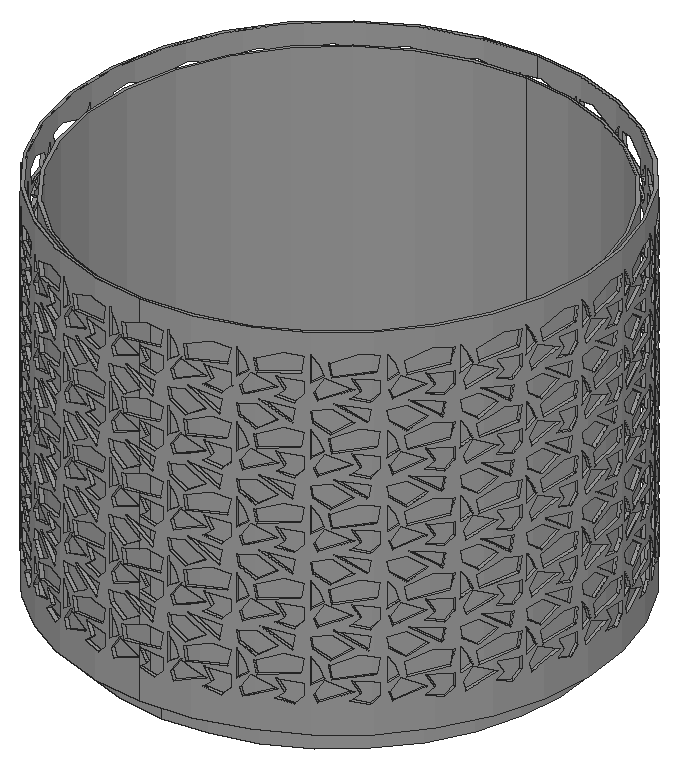
Revit family "14832 Цветочница «Филигран» средняя, диаметр 900 мм Хоббика", category Антураж, Revit 2018 (continued)
Forms (mm)
  Extrusion 17, void
    sketch origin (779.131, 1119.067, 0) x (0.188205, -0.98213, 0) y (0, 0, 1)
      loop
        line (588.639, 543.248) -> (575.707, 526.292) -> (568.867, 507.498) -> (588.639, 496.083) -> (588.639, 543.248)
      loop
        line (563.682, 528.794) -> (519.831, 544.754) -> (490.287, 539.545) -> (494.976, 512.951) -> (559.492, 505.029) -> (563.682, 528.794)
      loop
        line (490.287, 599.912) -> (504.429, 585.77) -> (533.407, 593.534) -> (518.941, 604.566) -> (531.441, 626.217) -> (490.287, 621.966) -> (490.287, 599.912)
      loop
        line (584.351, 482.319) -> (568.12, 505.499) -> (527.336, 486.481) -> (579.019, 467.67) -> (584.351, 482.319)
      loop
        line (556.066, 463.604) -> (503.268, 454.294) -> (507.609, 429.674) -> (556.066, 463.604)
      loop
        line (588.917, 451.182) -> (559.373, 456.391) -> (526.607, 433.448) -> (559.625, 414.385) -> (585.641, 432.601) -> (588.917, 451.182)
      loop
        line (588.639, 421.248) -> (575.707, 404.292) -> (568.867, 385.498) -> (588.639, 374.083) -> (588.639, 421.248)
      loop
        line (563.682, 406.794) -> (519.831, 422.754) -> (490.287, 417.545) -> (494.976, 390.951) -> (559.492, 383.029) -> (563.682, 406.794)
      loop
        line (490.287, 477.912) -> (504.429, 463.77) -> (533.407, 471.534) -> (518.941, 482.566) -> (531.441, 504.217) -> (490.287, 499.966) -> (490.287, 477.912)
      loop
        line (584.351, 360.319) -> (568.12, 383.499) -> (527.336, 364.481) -> (579.019, 345.67) -> (584.351, 360.319)
      loop
        line (556.066, 341.604) -> (503.268, 332.294) -> (507.609, 307.674) -> (556.066, 341.604)
      loop
        line (588.917, 329.182) -> (559.373, 334.391) -> (526.607, 311.448) -> (559.625, 292.385) -> (585.641, 310.601) -> (588.917, 329.182)
      loop
        line (588.639, 299.248) -> (575.707, 282.292) -> (568.867, 263.498) -> (588.639, 252.083) -> (588.639, 299.248)
      loop
        line (563.682, 284.794) -> (519.831, 300.754) -> (490.287, 295.545) -> (494.976, 268.951) -> (559.492, 261.029) -> (563.682, 284.794)
      loop
        line (490.287, 355.912) -> (504.429, 341.77) -> (533.407, 349.534) -> (518.941, 360.566) -> (531.441, 382.217) -> (490.287, 377.966) -> (490.287, 355.912)
      loop
        line (584.351, 238.319) -> (568.12, 261.499) -> (527.336, 242.481) -> (579.019, 223.67) -> (584.351, 238.319)
      loop
        line (556.066, 219.604) -> (503.268, 210.294) -> (507.609, 185.674) -> (556.066, 219.604)
      loop
        line (588.917, 207.182) -> (559.373, 212.391) -> (526.607, 189.448) -> (559.625, 170.385) -> (585.641, 188.601) -> (588.917, 207.182)
      loop
        line (588.639, 177.248) -> (575.707, 160.292) -> (568.867, 141.498) -> (588.639, 130.083) -> (588.639, 177.248)
      loop
        line (563.682, 162.794) -> (519.831, 178.754) -> (490.287, 173.545) -> (494.976, 146.951) -> (559.492, 139.029) -> (563.682, 162.794)
      loop
        line (490.287, 233.912) -> (504.429, 219.77) -> (533.407, 227.534) -> (518.941, 238.566) -> (531.441, 260.217) -> (490.287, 255.966) -> (490.287, 233.912)
      loop
        line (584.351, 116.319) -> (568.12, 139.499) -> (527.336, 120.481) -> (579.019, 101.67) -> (584.351, 116.319)
      loop
        line (490.287, 111.912) -> (504.429, 97.77) -> (533.407, 105.534) -> (518.941, 116.566) -> (531.441, 138.217) -> (490.287, 133.966) -> (490.287, 111.912)
    from -4.356 to 19.171
  Extrusion 18, void
    sketch origin (612.17, 1177.791, 0) x (0.414377, -0.910105, 0) y (0, 0, 1)
      loop
        line (588.639, 665.248) -> (575.707, 648.292) -> (568.867, 629.498) -> (588.639, 618.083) -> (588.639, 665.248)
      loop
        line (563.682, 650.794) -> (519.831, 666.754) -> (490.287, 661.545) -> (494.976, 634.951) -> (559.492, 627.029) -> (563.682, 650.794)
      loop
        line (584.351, 604.319) -> (568.12, 627.499) -> (527.336, 608.481) -> (579.019, 589.67) -> (584.351, 604.319)
      loop
        line (556.066, 585.604) -> (503.268, 576.294) -> (507.609, 551.674) -> (556.066, 585.604)
      loop
        line (588.917, 573.182) -> (559.373, 578.391) -> (526.607, 555.448) -> (559.625, 536.385) -> (585.641, 554.601) -> (588.917, 573.182)
      loop
        line (588.639, 543.248) -> (575.707, 526.292) -> (568.867, 507.498) -> (588.639, 496.083) -> (588.639, 543.248)
      loop
        line (563.682, 528.794) -> (519.831, 544.754) -> (490.287, 539.545) -> (494.976, 512.951) -> (559.492, 505.029) -> (563.682, 528.794)
      loop
        line (490.287, 599.912) -> (504.429, 585.77) -> (533.407, 593.534) -> (518.941, 604.566) -> (531.441, 626.217) -> (490.287, 621.966) -> (490.287, 599.912)
      loop
        line (584.351, 482.319) -> (568.12, 505.499) -> (527.336, 486.481) -> (579.019, 467.67) -> (584.351, 482.319)
      loop
        line (556.066, 463.604) -> (503.268, 454.294) -> (507.609, 429.674) -> (556.066, 463.604)
      loop
        line (588.917, 451.182) -> (559.373, 456.391) -> (526.607, 433.448) -> (559.625, 414.385) -> (585.641, 432.601) -> (588.917, 451.182)
      loop
        line (588.639, 421.248) -> (575.707, 404.292) -> (568.867, 385.498) -> (588.639, 374.083) -> (588.639, 421.248)
      loop
        line (563.682, 406.794) -> (519.831, 422.754) -> (490.287, 417.545) -> (494.976, 390.951) -> (559.492, 383.029) -> (563.682, 406.794)
      loop
        line (490.287, 477.912) -> (504.429, 463.77) -> (533.407, 471.534) -> (518.941, 482.566) -> (531.441, 504.217) -> (490.287, 499.966) -> (490.287, 477.912)
      loop
        line (584.351, 360.319) -> (568.12, 383.499) -> (527.336, 364.481) -> (579.019, 345.67) -> (584.351, 360.319)
      loop
        line (556.066, 341.604) -> (503.268, 332.294) -> (507.609, 307.674) -> (556.066, 341.604)
      loop
        line (588.917, 329.182) -> (559.373, 334.391) -> (526.607, 311.448) -> (559.625, 292.385) -> (585.641, 310.601) -> (588.917, 329.182)
      loop
        line (588.639, 299.248) -> (575.707, 282.292) -> (568.867, 263.498) -> (588.639, 252.083) -> (588.639, 299.248)
      loop
        line (563.682, 284.794) -> (519.831, 300.754) -> (490.287, 295.545) -> (494.976, 268.951) -> (559.492, 261.029) -> (563.682, 284.794)
      loop
        line (490.287, 355.912) -> (504.429, 341.77) -> (533.407, 349.534) -> (518.941, 360.566) -> (531.441, 382.217) -> (490.287, 377.966) -> (490.287, 355.912)
      loop
        line (584.351, 238.319) -> (568.12, 261.499) -> (527.336, 242.481) -> (579.019, 223.67) -> (584.351, 238.319)
      loop
        line (556.066, 219.604) -> (503.268, 210.294) -> (507.609, 185.674) -> (556.066, 219.604)
      loop
        line (588.917, 207.182) -> (559.373, 212.391) -> (526.607, 189.448) -> (559.625, 170.385) -> (585.641, 188.601) -> (588.917, 207.182)
      loop
        line (588.639, 177.248) -> (575.707, 160.292) -> (568.867, 141.498) -> (588.639, 130.083) -> (588.639, 177.248)
      loop
        line (563.682, 162.794) -> (519.831, 178.754) -> (490.287, 173.545) -> (494.976, 146.951) -> (559.492, 139.029) -> (563.682, 162.794)
      loop
        line (490.287, 233.912) -> (504.429, 219.77) -> (533.407, 227.534) -> (518.941, 238.566) -> (531.441, 260.217) -> (490.287, 255.966) -> (490.287, 233.912)
      loop
        line (584.351, 116.319) -> (568.12, 139.499) -> (527.336, 120.481) -> (579.019, 101.67) -> (584.351, 116.319)
      loop
        line (490.287, 111.912) -> (504.429, 97.77) -> (533.407, 105.534) -> (518.941, 116.566) -> (531.441, 138.217) -> (490.287, 133.966) -> (490.287, 111.912)
    from -4.356 to 19.171
  Extrusion 19, void
    sketch origin (436.072, 1195.509, 0) x (0.617202, -0.786805, 0) y (0, 0, 1)
      loop
        line (588.639, 665.248) -> (575.707, 648.292) -> (568.867, 629.498) -> (588.639, 618.083) -> (588.639, 665.248)
      loop
        line (563.682, 650.794) -> (519.831, 666.754) -> (490.287, 661.545) -> (494.976, 634.951) -> (559.492, 627.029) -> (563.682, 650.794)
      loop
        line (584.351, 604.319) -> (568.12, 627.499) -> (527.336, 608.481) -> (579.019, 589.67) -> (584.351, 604.319)
      loop
        line (556.066, 585.604) -> (503.268, 576.294) -> (507.609, 551.674) -> (556.066, 585.604)
      loop
        line (588.917, 573.182) -> (559.373, 578.391) -> (526.607, 555.448) -> (559.625, 536.385) -> (585.641, 554.601) -> (588.917, 573.182)
      loop
        line (588.639, 543.248) -> (575.707, 526.292) -> (568.867, 507.498) -> (588.639, 496.083) -> (588.639, 543.248)
      loop
        line (563.682, 528.794) -> (519.831, 544.754) -> (490.287, 539.545) -> (494.976, 512.951) -> (559.492, 505.029) -> (563.682, 528.794)
      loop
        line (490.287, 599.912) -> (504.429, 585.77) -> (533.407, 593.534) -> (518.941, 604.566) -> (531.441, 626.217) -> (490.287, 621.966) -> (490.287, 599.912)
      loop
        line (584.351, 482.319) -> (568.12, 505.499) -> (527.336, 486.481) -> (579.019, 467.67) -> (584.351, 482.319)
      loop
        line (556.066, 463.604) -> (503.268, 454.294) -> (507.609, 429.674) -> (556.066, 463.604)
      loop
        line (588.917, 451.182) -> (559.373, 456.391) -> (526.607, 433.448) -> (559.625, 414.385) -> (585.641, 432.601) -> (588.917, 451.182)
      loop
        line (588.639, 421.248) -> (575.707, 404.292) -> (568.867, 385.498) -> (588.639, 374.083) -> (588.639, 421.248)
      loop
        line (563.682, 406.794) -> (519.831, 422.754) -> (490.287, 417.545) -> (494.976, 390.951) -> (559.492, 383.029) -> (563.682, 406.794)
      loop
        line (490.287, 477.912) -> (504.429, 463.77) -> (533.407, 471.534) -> (518.941, 482.566) -> (531.441, 504.217) -> (490.287, 499.966) -> (490.287, 477.912)
      loop
        line (584.351, 360.319) -> (568.12, 383.499) -> (527.336, 364.481) -> (579.019, 345.67) -> (584.351, 360.319)
      loop
        line (556.066, 341.604) -> (503.268, 332.294) -> (507.609, 307.674) -> (556.066, 341.604)
      loop
        line (588.917, 329.182) -> (559.373, 334.391) -> (526.607, 311.448) -> (559.625, 292.385) -> (585.641, 310.601) -> (588.917, 329.182)
      loop
        line (588.639, 299.248) -> (575.707, 282.292) -> (568.867, 263.498) -> (588.639, 252.083) -> (588.639, 299.248)
      loop
        line (563.682, 284.794) -> (519.831, 300.754) -> (490.287, 295.545) -> (494.976, 268.951) -> (559.492, 261.029) -> (563.682, 284.794)
      loop
        line (490.287, 355.912) -> (504.429, 341.77) -> (533.407, 349.534) -> (518.941, 360.566) -> (531.441, 382.217) -> (490.287, 377.966) -> (490.287, 355.912)
      loop
        line (584.351, 238.319) -> (568.12, 261.499) -> (527.336, 242.481) -> (579.019, 223.67) -> (584.351, 238.319)
      loop
        line (556.066, 219.604) -> (503.268, 210.294) -> (507.609, 185.674) -> (556.066, 219.604)
      loop
        line (588.917, 207.182) -> (559.373, 212.391) -> (526.607, 189.448) -> (559.625, 170.385) -> (585.641, 188.601) -> (588.917, 207.182)
      loop
        line (588.639, 177.248) -> (575.707, 160.292) -> (568.867, 141.498) -> (588.639, 130.083) -> (588.639, 177.248)
      loop
        line (563.682, 162.794) -> (519.831, 178.754) -> (490.287, 173.545) -> (494.976, 146.951) -> (559.492, 139.029) -> (563.682, 162.794)
      loop
        line (490.287, 233.912) -> (504.429, 219.77) -> (533.407, 227.534) -> (518.941, 238.566) -> (531.441, 260.217) -> (490.287, 255.966) -> (490.287, 233.912)
      loop
        line (584.351, 116.319) -> (568.12, 139.499) -> (527.336, 120.481) -> (579.019, 101.67) -> (584.351, 116.319)
      loop
        line (490.287, 111.912) -> (504.429, 97.77) -> (533.407, 105.534) -> (518.941, 116.566) -> (531.441, 138.217) -> (490.287, 133.966) -> (490.287, 111.912)
    from -4.356 to 19.171
  Extrusion 20, void
    sketch origin (260.759, 1171.225, 0) x (0.785253, -0.619175, 0) y (0, 0, 1)
      loop
        line (588.639, 665.248) -> (575.707, 648.292) -> (568.867, 629.498) -> (588.639, 618.083) -> (588.639, 665.248)
      loop
        line (563.682, 650.794) -> (519.831, 666.754) -> (490.287, 661.545) -> (494.976, 634.951) -> (559.492, 627.029) -> (563.682, 650.794)
      loop
        line (584.351, 604.319) -> (568.12, 627.499) -> (527.336, 608.481) -> (579.019, 589.67) -> (584.351, 604.319)
      loop
        line (556.066, 585.604) -> (503.268, 576.294) -> (507.609, 551.674) -> (556.066, 585.604)
      loop
        line (588.917, 573.182) -> (559.373, 578.391) -> (526.607, 555.448) -> (559.625, 536.385) -> (585.641, 554.601) -> (588.917, 573.182)
      loop
        line (588.639, 543.248) -> (575.707, 526.292) -> (568.867, 507.498) -> (588.639, 496.083) -> (588.639, 543.248)
      loop
        line (563.682, 528.794) -> (519.831, 544.754) -> (490.287, 539.545) -> (494.976, 512.951) -> (559.492, 505.029) -> (563.682, 528.794)
      loop
        line (490.287, 599.912) -> (504.429, 585.77) -> (533.407, 593.534) -> (518.941, 604.566) -> (531.441, 626.217) -> (490.287, 621.966) -> (490.287, 599.912)
      loop
        line (584.351, 482.319) -> (568.12, 505.499) -> (527.336, 486.481) -> (579.019, 467.67) -> (584.351, 482.319)
      loop
        line (556.066, 463.604) -> (503.268, 454.294) -> (507.609, 429.674) -> (556.066, 463.604)
      loop
        line (588.917, 451.182) -> (559.373, 456.391) -> (526.607, 433.448) -> (559.625, 414.385) -> (585.641, 432.601) -> (588.917, 451.182)
      loop
        line (588.639, 421.248) -> (575.707, 404.292) -> (568.867, 385.498) -> (588.639, 374.083) -> (588.639, 421.248)
      loop
        line (563.682, 406.794) -> (519.831, 422.754) -> (490.287, 417.545) -> (494.976, 390.951) -> (559.492, 383.029) -> (563.682, 406.794)
      loop
        line (490.287, 477.912) -> (504.429, 463.77) -> (533.407, 471.534) -> (518.941, 482.566) -> (531.441, 504.217) -> (490.287, 499.966) -> (490.287, 477.912)
      loop
        line (584.351, 360.319) -> (568.12, 383.499) -> (527.336, 364.481) -> (579.019, 345.67) -> (584.351, 360.319)
      loop
        line (556.066, 341.604) -> (503.268, 332.294) -> (507.609, 307.674) -> (556.066, 341.604)
      loop
        line (588.917, 329.182) -> (559.373, 334.391) -> (526.607, 311.448) -> (559.625, 292.385) -> (585.641, 310.601) -> (588.917, 329.182)
      loop
        line (588.639, 299.248) -> (575.707, 282.292) -> (568.867, 263.498) -> (588.639, 252.083) -> (588.639, 299.248)
      loop
        line (563.682, 284.794) -> (519.831, 300.754) -> (490.287, 295.545) -> (494.976, 268.951) -> (559.492, 261.029) -> (563.682, 284.794)
      loop
        line (490.287, 355.912) -> (504.429, 341.77) -> (533.407, 349.534) -> (518.941, 360.566) -> (531.441, 382.217) -> (490.287, 377.966) -> (490.287, 355.912)
      loop
        line (584.351, 238.319) -> (568.12, 261.499) -> (527.336, 242.481) -> (579.019, 223.67) -> (584.351, 238.319)
      loop
        line (556.066, 219.604) -> (503.268, 210.294) -> (507.609, 185.674) -> (556.066, 219.604)
      loop
        line (588.917, 207.182) -> (559.373, 212.391) -> (526.607, 189.448) -> (559.625, 170.385) -> (585.641, 188.601) -> (588.917, 207.182)
      loop
        line (588.639, 177.248) -> (575.707, 160.292) -> (568.867, 141.498) -> (588.639, 130.083) -> (588.639, 177.248)
      loop
        line (563.682, 162.794) -> (519.831, 178.754) -> (490.287, 173.545) -> (494.976, 146.951) -> (559.492, 139.029) -> (563.682, 162.794)
      loop
        line (490.287, 233.912) -> (504.429, 219.77) -> (533.407, 227.534) -> (518.941, 238.566) -> (531.441, 260.217) -> (490.287, 255.966) -> (490.287, 233.912)
      loop
        line (584.351, 116.319) -> (568.12, 139.499) -> (527.336, 120.481) -> (579.019, 101.67) -> (584.351, 116.319)
      loop
        line (490.287, 111.912) -> (504.429, 97.77) -> (533.407, 105.534) -> (518.941, 116.566) -> (531.441, 138.217) -> (490.287, 133.966) -> (490.287, 111.912)
    from -4.356 to 19.171
  Extrusion 21, void
    sketch origin (96.108, 1106.307, 0) x (0.909062, -0.41666, 0) y (0, 0, 1)
      loop
        line (588.639, 665.248) -> (575.707, 648.292) -> (568.867, 629.498) -> (588.639, 618.083) -> (588.639, 665.248)
      loop
        line (563.682, 650.794) -> (519.831, 666.754) -> (490.287, 661.545) -> (494.976, 634.951) -> (559.492, 627.029) -> (563.682, 650.794)
      loop
        line (584.351, 604.319) -> (568.12, 627.499) -> (527.336, 608.481) -> (579.019, 589.67) -> (584.351, 604.319)
      loop
        line (556.066, 585.604) -> (503.268, 576.294) -> (507.609, 551.674) -> (556.066, 585.604)
      loop
        line (588.917, 573.182) -> (559.373, 578.391) -> (526.607, 555.448) -> (559.625, 536.385) -> (585.641, 554.601) -> (588.917, 573.182)
      loop
        line (588.639, 543.248) -> (575.707, 526.292) -> (568.867, 507.498) -> (588.639, 496.083) -> (588.639, 543.248)
      loop
        line (563.682, 528.794) -> (519.831, 544.754) -> (490.287, 539.545) -> (494.976, 512.951) -> (559.492, 505.029) -> (563.682, 528.794)
      loop
        line (490.287, 599.912) -> (504.429, 585.77) -> (533.407, 593.534) -> (518.941, 604.566) -> (531.441, 626.217) -> (490.287, 621.966) -> (490.287, 599.912)
      loop
        line (584.351, 482.319) -> (568.12, 505.499) -> (527.336, 486.481) -> (579.019, 467.67) -> (584.351, 482.319)
      loop
        line (556.066, 463.604) -> (503.268, 454.294) -> (507.609, 429.674) -> (556.066, 463.604)
      loop
        line (588.917, 451.182) -> (559.373, 456.391) -> (526.607, 433.448) -> (559.625, 414.385) -> (585.641, 432.601) -> (588.917, 451.182)
      loop
        line (588.639, 421.248) -> (575.707, 404.292) -> (568.867, 385.498) -> (588.639, 374.083) -> (588.639, 421.248)
      loop
        line (563.682, 406.794) -> (519.831, 422.754) -> (490.287, 417.545) -> (494.976, 390.951) -> (559.492, 383.029) -> (563.682, 406.794)
      loop
        line (490.287, 477.912) -> (504.429, 463.77) -> (533.407, 471.534) -> (518.941, 482.566) -> (531.441, 504.217) -> (490.287, 499.966) -> (490.287, 477.912)
      loop
        line (584.351, 360.319) -> (568.12, 383.499) -> (527.336, 364.481) -> (579.019, 345.67) -> (584.351, 360.319)
      loop
        line (556.066, 341.604) -> (503.268, 332.294) -> (507.609, 307.674) -> (556.066, 341.604)
      loop
        line (588.917, 329.182) -> (559.373, 334.391) -> (526.607, 311.448) -> (559.625, 292.385) -> (585.641, 310.601) -> (588.917, 329.182)
      loop
        line (588.639, 299.248) -> (575.707, 282.292) -> (568.867, 263.498) -> (588.639, 252.083) -> (588.639, 299.248)
      loop
        line (563.682, 284.794) -> (519.831, 300.754) -> (490.287, 295.545) -> (494.976, 268.951) -> (559.492, 261.029) -> (563.682, 284.794)
      loop
        line (490.287, 355.912) -> (504.429, 341.77) -> (533.407, 349.534) -> (518.941, 360.566) -> (531.441, 382.217) -> (490.287, 377.966) -> (490.287, 355.912)
      loop
        line (584.351, 238.319) -> (568.12, 261.499) -> (527.336, 242.481) -> (579.019, 223.67) -> (584.351, 238.319)
      loop
        line (556.066, 219.604) -> (503.268, 210.294) -> (507.609, 185.674) -> (556.066, 219.604)
      loop
        line (588.917, 207.182) -> (559.373, 212.391) -> (526.607, 189.448) -> (559.625, 170.385) -> (585.641, 188.601) -> (588.917, 207.182)
      loop
        line (588.639, 177.248) -> (575.707, 160.292) -> (568.867, 141.498) -> (588.639, 130.083) -> (588.639, 177.248)
      loop
        line (563.682, 162.794) -> (519.831, 178.754) -> (490.287, 173.545) -> (494.976, 146.951) -> (559.492, 139.029) -> (563.682, 162.794)
      loop
        line (490.287, 233.912) -> (504.429, 219.77) -> (533.407, 227.534) -> (518.941, 238.566) -> (531.441, 260.217) -> (490.287, 255.966) -> (490.287, 233.912)
      loop
        line (584.351, 116.319) -> (568.12, 139.499) -> (527.336, 120.481) -> (579.019, 101.67) -> (584.351, 116.319)
      loop
        line (490.287, 111.912) -> (504.429, 97.77) -> (533.407, 105.534) -> (518.941, 116.566) -> (531.441, 138.217) -> (490.287, 133.966) -> (490.287, 111.912)
    from -4.356 to 19.171
  Extrusion 22, void
    sketch origin (-48.604, 1004.411, 0) x (0.981654, -0.190671, 0) y (0, 0, 1)
      loop
        line (588.639, 665.248) -> (575.707, 648.292) -> (568.867, 629.498) -> (588.639, 618.083) -> (588.639, 665.248)
      loop
        line (563.682, 650.794) -> (519.831, 666.754) -> (490.287, 661.545) -> (494.976, 634.951) -> (559.492, 627.029) -> (563.682, 650.794)
      loop
        line (584.351, 604.319) -> (568.12, 627.499) -> (527.336, 608.481) -> (579.019, 589.67) -> (584.351, 604.319)
      loop
        line (556.066, 585.604) -> (503.268, 576.294) -> (507.609, 551.674) -> (556.066, 585.604)
      loop
        line (588.917, 573.182) -> (559.373, 578.391) -> (526.607, 555.448) -> (559.625, 536.385) -> (585.641, 554.601) -> (588.917, 573.182)
      loop
        line (588.639, 543.248) -> (575.707, 526.292) -> (568.867, 507.498) -> (588.639, 496.083) -> (588.639, 543.248)
      loop
        line (563.682, 528.794) -> (519.831, 544.754) -> (490.287, 539.545) -> (494.976, 512.951) -> (559.492, 505.029) -> (563.682, 528.794)
      loop
        line (490.287, 599.912) -> (504.429, 585.77) -> (533.407, 593.534) -> (518.941, 604.566) -> (531.441, 626.217) -> (490.287, 621.966) -> (490.287, 599.912)
      loop
        line (584.351, 482.319) -> (568.12, 505.499) -> (527.336, 486.481) -> (579.019, 467.67) -> (584.351, 482.319)
      loop
        line (556.066, 463.604) -> (503.268, 454.294) -> (507.609, 429.674) -> (556.066, 463.604)
      loop
        line (588.917, 451.182) -> (559.373, 456.391) -> (526.607, 433.448) -> (559.625, 414.385) -> (585.641, 432.601) -> (588.917, 451.182)
      loop
        line (588.639, 421.248) -> (575.707, 404.292) -> (568.867, 385.498) -> (588.639, 374.083) -> (588.639, 421.248)
      loop
        line (563.682, 406.794) -> (519.831, 422.754) -> (490.287, 417.545) -> (494.976, 390.951) -> (559.492, 383.029) -> (563.682, 406.794)
      loop
        line (490.287, 477.912) -> (504.429, 463.77) -> (533.407, 471.534) -> (518.941, 482.566) -> (531.441, 504.217) -> (490.287, 499.966) -> (490.287, 477.912)
      loop
        line (584.351, 360.319) -> (568.12, 383.499) -> (527.336, 364.481) -> (579.019, 345.67) -> (584.351, 360.319)
      loop
        line (556.066, 341.604) -> (503.268, 332.294) -> (507.609, 307.674) -> (556.066, 341.604)
      loop
        line (588.917, 329.182) -> (559.373, 334.391) -> (526.607, 311.448) -> (559.625, 292.385) -> (585.641, 310.601) -> (588.917, 329.182)
      loop
        line (588.639, 299.248) -> (575.707, 282.292) -> (568.867, 263.498) -> (588.639, 252.083) -> (588.639, 299.248)
      loop
        line (563.682, 284.794) -> (519.831, 300.754) -> (490.287, 295.545) -> (494.976, 268.951) -> (559.492, 261.029) -> (563.682, 284.794)
      loop
        line (490.287, 355.912) -> (504.429, 341.77) -> (533.407, 349.534) -> (518.941, 360.566) -> (531.441, 382.217) -> (490.287, 377.966) -> (490.287, 355.912)
      loop
        line (584.351, 238.319) -> (568.12, 261.499) -> (527.336, 242.481) -> (579.019, 223.67) -> (584.351, 238.319)
      loop
        line (556.066, 219.604) -> (503.268, 210.294) -> (507.609, 185.674) -> (556.066, 219.604)
      loop
        line (588.917, 207.182) -> (559.373, 212.391) -> (526.607, 189.448) -> (559.625, 170.385) -> (585.641, 188.601) -> (588.917, 207.182)
      loop
        line (588.639, 177.248) -> (575.707, 160.292) -> (568.867, 141.498) -> (588.639, 130.083) -> (588.639, 177.248)
      loop
        line (563.682, 162.794) -> (519.831, 178.754) -> (490.287, 173.545) -> (494.976, 146.951) -> (559.492, 139.029) -> (563.682, 162.794)
      loop
        line (490.287, 233.912) -> (504.429, 219.77) -> (533.407, 227.534) -> (518.941, 238.566) -> (531.441, 260.217) -> (490.287, 255.966) -> (490.287, 233.912)
      loop
        line (584.351, 116.319) -> (568.12, 139.499) -> (527.336, 120.481) -> (579.019, 101.67) -> (584.351, 116.319)
      loop
        line (490.287, 111.912) -> (504.429, 97.77) -> (533.407, 105.534) -> (518.941, 116.566) -> (531.441, 138.217) -> (490.287, 133.966) -> (490.287, 111.912)
    from -4.356 to 19.171
  Extrusion 23, void
    sketch origin (-165.225, 871.28, 0) x (0.998939, 0.046062, 0) y (0, 0, 1)
      loop
        line (588.639, 665.248) -> (575.707, 648.292) -> (568.867, 629.498) -> (588.639, 618.083) -> (588.639, 665.248)
      loop
        line (563.682, 650.794) -> (519.831, 666.754) -> (490.287, 661.545) -> (494.976, 634.951) -> (559.492, 627.029) -> (563.682, 650.794)
      loop
        line (584.351, 604.319) -> (568.12, 627.499) -> (527.336, 608.481) -> (579.019, 589.67) -> (584.351, 604.319)
      loop
        line (556.066, 585.604) -> (503.268, 576.294) -> (507.609, 551.674) -> (556.066, 585.604)
      loop
        line (588.917, 573.182) -> (559.373, 578.391) -> (526.607, 555.448) -> (559.625, 536.385) -> (585.641, 554.601) -> (588.917, 573.182)
      loop
        line (588.639, 543.248) -> (575.707, 526.292) -> (568.867, 507.498) -> (588.639, 496.083) -> (588.639, 543.248)
      loop
        line (563.682, 528.794) -> (519.831, 544.754) -> (490.287, 539.545) -> (494.976, 512.951) -> (559.492, 505.029) -> (563.682, 528.794)
      loop
        line (490.287, 599.912) -> (504.429, 585.77) -> (533.407, 593.534) -> (518.941, 604.566) -> (531.441, 626.217) -> (490.287, 621.966) -> (490.287, 599.912)
      loop
        line (584.351, 482.319) -> (568.12, 505.499) -> (527.336, 486.481) -> (579.019, 467.67) -> (584.351, 482.319)
      loop
        line (556.066, 463.604) -> (503.268, 454.294) -> (507.609, 429.674) -> (556.066, 463.604)
      loop
        line (588.917, 451.182) -> (559.373, 456.391) -> (526.607, 433.448) -> (559.625, 414.385) -> (585.641, 432.601) -> (588.917, 451.182)
      loop
        line (588.639, 421.248) -> (575.707, 404.292) -> (568.867, 385.498) -> (588.639, 374.083) -> (588.639, 421.248)
      loop
        line (563.682, 406.794) -> (519.831, 422.754) -> (490.287, 417.545) -> (494.976, 390.951) -> (559.492, 383.029) -> (563.682, 406.794)
      loop
        line (490.287, 477.912) -> (504.429, 463.77) -> (533.407, 471.534) -> (518.941, 482.566) -> (531.441, 504.217) -> (490.287, 499.966) -> (490.287, 477.912)
      loop
        line (584.351, 360.319) -> (568.12, 383.499) -> (527.336, 364.481) -> (579.019, 345.67) -> (584.351, 360.319)
      loop
        line (556.066, 341.604) -> (503.268, 332.294) -> (507.609, 307.674) -> (556.066, 341.604)
      loop
        line (588.917, 329.182) -> (559.373, 334.391) -> (526.607, 311.448) -> (559.625, 292.385) -> (585.641, 310.601) -> (588.917, 329.182)
      loop
        line (588.639, 299.248) -> (575.707, 282.292) -> (568.867, 263.498) -> (588.639, 252.083) -> (588.639, 299.248)
      loop
        line (563.682, 284.794) -> (519.831, 300.754) -> (490.287, 295.545) -> (494.976, 268.951) -> (559.492, 261.029) -> (563.682, 284.794)
      loop
        line (490.287, 355.912) -> (504.429, 341.77) -> (533.407, 349.534) -> (518.941, 360.566) -> (531.441, 382.217) -> (490.287, 377.966) -> (490.287, 355.912)
      loop
        line (584.351, 238.319) -> (568.12, 261.499) -> (527.336, 242.481) -> (579.019, 223.67) -> (584.351, 238.319)
      loop
        line (556.066, 219.604) -> (503.268, 210.294) -> (507.609, 185.674) -> (556.066, 219.604)
      loop
        line (588.917, 207.182) -> (559.373, 212.391) -> (526.607, 189.448) -> (559.625, 170.385) -> (585.641, 188.601) -> (588.917, 207.182)
      loop
        line (588.639, 177.248) -> (575.707, 160.292) -> (568.867, 141.498) -> (588.639, 130.083) -> (588.639, 177.248)
      loop
        line (563.682, 162.794) -> (519.831, 178.754) -> (490.287, 173.545) -> (494.976, 146.951) -> (559.492, 139.029) -> (563.682, 162.794)
      loop
        line (490.287, 233.912) -> (504.429, 219.77) -> (533.407, 227.534) -> (518.941, 238.566) -> (531.441, 260.217) -> (490.287, 255.966) -> (490.287, 233.912)
      loop
        line (584.351, 116.319) -> (568.12, 139.499) -> (527.336, 120.481) -> (579.019, 101.67) -> (584.351, 116.319)
      loop
        line (490.287, 111.912) -> (504.429, 97.77) -> (533.407, 105.534) -> (518.941, 116.566) -> (531.441, 138.217) -> (490.287, 133.966) -> (490.287, 111.912)
    from -4.356 to 19.171
  Extrusion 24, void
    sketch origin (-247.183, 714.413, 0) x (0.959942, 0.280199, 0) y (0, 0, 1)
      loop
        line (588.639, 665.248) -> (575.707, 648.292) -> (568.867, 629.498) -> (588.639, 618.083) -> (588.639, 665.248)
      loop
        line (563.682, 650.794) -> (519.831, 666.754) -> (490.287, 661.545) -> (494.976, 634.951) -> (559.492, 627.029) -> (563.682, 650.794)
      loop
        line (584.351, 604.319) -> (568.12, 627.499) -> (527.336, 608.481) -> (579.019, 589.67) -> (584.351, 604.319)
      loop
        line (556.066, 585.604) -> (503.268, 576.294) -> (507.609, 551.674) -> (556.066, 585.604)
      loop
        line (588.917, 573.182) -> (559.373, 578.391) -> (526.607, 555.448) -> (559.625, 536.385) -> (585.641, 554.601) -> (588.917, 573.182)
      loop
        line (588.639, 543.248) -> (575.707, 526.292) -> (568.867, 507.498) -> (588.639, 496.083) -> (588.639, 543.248)
      loop
        line (563.682, 528.794) -> (519.831, 544.754) -> (490.287, 539.545) -> (494.976, 512.951) -> (559.492, 505.029) -> (563.682, 528.794)
      loop
        line (490.287, 599.912) -> (504.429, 585.77) -> (533.407, 593.534) -> (518.941, 604.566) -> (531.441, 626.217) -> (490.287, 621.966) -> (490.287, 599.912)
      loop
        line (584.351, 482.319) -> (568.12, 505.499) -> (527.336, 486.481) -> (579.019, 467.67) -> (584.351, 482.319)
      loop
        line (556.066, 463.604) -> (503.268, 454.294) -> (507.609, 429.674) -> (556.066, 463.604)
      loop
        line (588.917, 451.182) -> (559.373, 456.391) -> (526.607, 433.448) -> (559.625, 414.385) -> (585.641, 432.601) -> (588.917, 451.182)
      loop
        line (588.639, 421.248) -> (575.707, 404.292) -> (568.867, 385.498) -> (588.639, 374.083) -> (588.639, 421.248)
      loop
        line (563.682, 406.794) -> (519.831, 422.754) -> (490.287, 417.545) -> (494.976, 390.951) -> (559.492, 383.029) -> (563.682, 406.794)
      loop
        line (490.287, 477.912) -> (504.429, 463.77) -> (533.407, 471.534) -> (518.941, 482.566) -> (531.441, 504.217) -> (490.287, 499.966) -> (490.287, 477.912)
      loop
        line (584.351, 360.319) -> (568.12, 383.499) -> (527.336, 364.481) -> (579.019, 345.67) -> (584.351, 360.319)
      loop
        line (556.066, 341.604) -> (503.268, 332.294) -> (507.609, 307.674) -> (556.066, 341.604)
      loop
        line (588.917, 329.182) -> (559.373, 334.391) -> (526.607, 311.448) -> (559.625, 292.385) -> (585.641, 310.601) -> (588.917, 329.182)
      loop
        line (588.639, 299.248) -> (575.707, 282.292) -> (568.867, 263.498) -> (588.639, 252.083) -> (588.639, 299.248)
      loop
        line (563.682, 284.794) -> (519.831, 300.754) -> (490.287, 295.545) -> (494.976, 268.951) -> (559.492, 261.029) -> (563.682, 284.794)
      loop
        line (490.287, 355.912) -> (504.429, 341.77) -> (533.407, 349.534) -> (518.941, 360.566) -> (531.441, 382.217) -> (490.287, 377.966) -> (490.287, 355.912)
      loop
        line (584.351, 238.319) -> (568.12, 261.499) -> (527.336, 242.481) -> (579.019, 223.67) -> (584.351, 238.319)
      loop
        line (556.066, 219.604) -> (503.268, 210.294) -> (507.609, 185.674) -> (556.066, 219.604)
      loop
        line (588.917, 207.182) -> (559.373, 212.391) -> (526.607, 189.448) -> (559.625, 170.385) -> (585.641, 188.601) -> (588.917, 207.182)
      loop
        line (588.639, 177.248) -> (575.707, 160.292) -> (568.867, 141.498) -> (588.639, 130.083) -> (588.639, 177.248)
      loop
        line (563.682, 162.794) -> (519.831, 178.754) -> (490.287, 173.545) -> (494.976, 146.951) -> (559.492, 139.029) -> (563.682, 162.794)
      loop
        line (490.287, 233.912) -> (504.429, 219.77) -> (533.407, 227.534) -> (518.941, 238.566) -> (531.441, 260.217) -> (490.287, 255.966) -> (490.287, 233.912)
      loop
        line (584.351, 116.319) -> (568.12, 139.499) -> (527.336, 120.481) -> (579.019, 101.67) -> (584.351, 116.319)
      loop
        line (490.287, 111.912) -> (504.429, 97.77) -> (533.407, 105.534) -> (518.941, 116.566) -> (531.441, 138.217) -> (490.287, 133.966) -> (490.287, 111.912)
    from -4.356 to 19.171
  Extrusion 25, void
    sketch origin (-289.861, 542.649, 0) x (0.866861, 0.49855, 0) y (0, 0, 1)
      loop
        line (588.639, 665.248) -> (575.707, 648.292) -> (568.867, 629.498) -> (588.639, 618.083) -> (588.639, 665.248)
      loop
        line (563.682, 650.794) -> (519.831, 666.754) -> (490.287, 661.545) -> (494.976, 634.951) -> (559.492, 627.029) -> (563.682, 650.794)
      loop
        line (584.351, 604.319) -> (568.12, 627.499) -> (527.336, 608.481) -> (579.019, 589.67) -> (584.351, 604.319)
      loop
        line (556.066, 585.604) -> (503.268, 576.294) -> (507.609, 551.674) -> (556.066, 585.604)
      loop
        line (588.917, 573.182) -> (559.373, 578.391) -> (526.607, 555.448) -> (559.625, 536.385) -> (585.641, 554.601) -> (588.917, 573.182)
      loop
        line (588.639, 543.248) -> (575.707, 526.292) -> (568.867, 507.498) -> (588.639, 496.083) -> (588.639, 543.248)
      loop
        line (563.682, 528.794) -> (519.831, 544.754) -> (490.287, 539.545) -> (494.976, 512.951) -> (559.492, 505.029) -> (563.682, 528.794)
      loop
        line (490.287, 599.912) -> (504.429, 585.77) -> (533.407, 593.534) -> (518.941, 604.566) -> (531.441, 626.217) -> (490.287, 621.966) -> (490.287, 599.912)
      loop
        line (584.351, 482.319) -> (568.12, 505.499) -> (527.336, 486.481) -> (579.019, 467.67) -> (584.351, 482.319)
      loop
        line (556.066, 463.604) -> (503.268, 454.294) -> (507.609, 429.674) -> (556.066, 463.604)
      loop
        line (588.917, 451.182) -> (559.373, 456.391) -> (526.607, 433.448) -> (559.625, 414.385) -> (585.641, 432.601) -> (588.917, 451.182)
      loop
        line (588.639, 421.248) -> (575.707, 404.292) -> (568.867, 385.498) -> (588.639, 374.083) -> (588.639, 421.248)
      loop
        line (563.682, 406.794) -> (519.831, 422.754) -> (490.287, 417.545) -> (494.976, 390.951) -> (559.492, 383.029) -> (563.682, 406.794)
      loop
        line (490.287, 477.912) -> (504.429, 463.77) -> (533.407, 471.534) -> (518.941, 482.566) -> (531.441, 504.217) -> (490.287, 499.966) -> (490.287, 477.912)
      loop
        line (584.351, 360.319) -> (568.12, 383.499) -> (527.336, 364.481) -> (579.019, 345.67) -> (584.351, 360.319)
      loop
        line (556.066, 341.604) -> (503.268, 332.294) -> (507.609, 307.674) -> (556.066, 341.604)
      loop
        line (588.917, 329.182) -> (559.373, 334.391) -> (526.607, 311.448) -> (559.625, 292.385) -> (585.641, 310.601) -> (588.917, 329.182)
      loop
        line (588.639, 299.248) -> (575.707, 282.292) -> (568.867, 263.498) -> (588.639, 252.083) -> (588.639, 299.248)
      loop
        line (563.682, 284.794) -> (519.831, 300.754) -> (490.287, 295.545) -> (494.976, 268.951) -> (559.492, 261.029) -> (563.682, 284.794)
      loop
        line (490.287, 355.912) -> (504.429, 341.77) -> (533.407, 349.534) -> (518.941, 360.566) -> (531.441, 382.217) -> (490.287, 377.966) -> (490.287, 355.912)
      loop
        line (584.351, 238.319) -> (568.12, 261.499) -> (527.336, 242.481) -> (579.019, 223.67) -> (584.351, 238.319)
      loop
        line (556.066, 219.604) -> (503.268, 210.294) -> (507.609, 185.674) -> (556.066, 219.604)
      loop
        line (588.917, 207.182) -> (559.373, 212.391) -> (526.607, 189.448) -> (559.625, 170.385) -> (585.641, 188.601) -> (588.917, 207.182)
      loop
        line (588.639, 177.248) -> (575.707, 160.292) -> (568.867, 141.498) -> (588.639, 130.083) -> (588.639, 177.248)
      loop
        line (563.682, 162.794) -> (519.831, 178.754) -> (490.287, 173.545) -> (494.976, 146.951) -> (559.492, 139.029) -> (563.682, 162.794)
      loop
        line (490.287, 233.912) -> (504.429, 219.77) -> (533.407, 227.534) -> (518.941, 238.566) -> (531.441, 260.217) -> (490.287, 255.966) -> (490.287, 233.912)
      loop
        line (584.351, 116.319) -> (568.12, 139.499) -> (527.336, 120.481) -> (579.019, 101.67) -> (584.351, 116.319)
      loop
        line (490.287, 111.912) -> (504.429, 97.77) -> (533.407, 105.534) -> (518.941, 116.566) -> (531.441, 138.217) -> (490.287, 133.966) -> (490.287, 111.912)
    from -4.356 to 19.171
  Extrusion 26, void
    sketch origin (-290.855, 365.664, 0) x (0.724941, 0.688811, 0) y (0, 0, 1)
      loop
        line (588.639, 665.248) -> (575.707, 648.292) -> (568.867, 629.498) -> (588.639, 618.083) -> (588.639, 665.248)
      loop
        line (563.682, 650.794) -> (519.831, 666.754) -> (490.287, 661.545) -> (494.976, 634.951) -> (559.492, 627.029) -> (563.682, 650.794)
      loop
        line (584.351, 604.319) -> (568.12, 627.499) -> (527.336, 608.481) -> (579.019, 589.67) -> (584.351, 604.319)
      loop
        line (556.066, 585.604) -> (503.268, 576.294) -> (507.609, 551.674) -> (556.066, 585.604)
      loop
        line (588.917, 573.182) -> (559.373, 578.391) -> (526.607, 555.448) -> (559.625, 536.385) -> (585.641, 554.601) -> (588.917, 573.182)
      loop
        line (588.639, 543.248) -> (575.707, 526.292) -> (568.867, 507.498) -> (588.639, 496.083) -> (588.639, 543.248)
      loop
        line (563.682, 528.794) -> (519.831, 544.754) -> (490.287, 539.545) -> (494.976, 512.951) -> (559.492, 505.029) -> (563.682, 528.794)
      loop
        line (490.287, 599.912) -> (504.429, 585.77) -> (533.407, 593.534) -> (518.941, 604.566) -> (531.441, 626.217) -> (490.287, 621.966) -> (490.287, 599.912)
      loop
        line (584.351, 482.319) -> (568.12, 505.499) -> (527.336, 486.481) -> (579.019, 467.67) -> (584.351, 482.319)
      loop
        line (556.066, 463.604) -> (503.268, 454.294) -> (507.609, 429.674) -> (556.066, 463.604)
      loop
        line (588.917, 451.182) -> (559.373, 456.391) -> (526.607, 433.448) -> (559.625, 414.385) -> (585.641, 432.601) -> (588.917, 451.182)
      loop
        line (588.639, 421.248) -> (575.707, 404.292) -> (568.867, 385.498) -> (588.639, 374.083) -> (588.639, 421.248)
      loop
        line (563.682, 406.794) -> (519.831, 422.754) -> (490.287, 417.545) -> (494.976, 390.951) -> (559.492, 383.029) -> (563.682, 406.794)
      loop
        line (490.287, 477.912) -> (504.429, 463.77) -> (533.407, 471.534) -> (518.941, 482.566) -> (531.441, 504.217) -> (490.287, 499.966) -> (490.287, 477.912)
      loop
        line (584.351, 360.319) -> (568.12, 383.499) -> (527.336, 364.481) -> (579.019, 345.67) -> (584.351, 360.319)
      loop
        line (556.066, 341.604) -> (503.268, 332.294) -> (507.609, 307.674) -> (556.066, 341.604)
      loop
        line (588.917, 329.182) -> (559.373, 334.391) -> (526.607, 311.448) -> (559.625, 292.385) -> (585.641, 310.601) -> (588.917, 329.182)
      loop
        line (588.639, 299.248) -> (575.707, 282.292) -> (568.867, 263.498) -> (588.639, 252.083) -> (588.639, 299.248)
      loop
        line (563.682, 284.794) -> (519.831, 300.754) -> (490.287, 295.545) -> (494.976, 268.951) -> (559.492, 261.029) -> (563.682, 284.794)
      loop
        line (490.287, 355.912) -> (504.429, 341.77) -> (533.407, 349.534) -> (518.941, 360.566) -> (531.441, 382.217) -> (490.287, 377.966) -> (490.287, 355.912)
      loop
        line (584.351, 238.319) -> (568.12, 261.499) -> (527.336, 242.481) -> (579.019, 223.67) -> (584.351, 238.319)
      loop
        line (556.066, 219.604) -> (503.268, 210.294) -> (507.609, 185.674) -> (556.066, 219.604)
      loop
        line (588.917, 207.182) -> (559.373, 212.391) -> (526.607, 189.448) -> (559.625, 170.385) -> (585.641, 188.601) -> (588.917, 207.182)
      loop
        line (588.639, 177.248) -> (575.707, 160.292) -> (568.867, 141.498) -> (588.639, 130.083) -> (588.639, 177.248)
      loop
        line (563.682, 162.794) -> (519.831, 178.754) -> (490.287, 173.545) -> (494.976, 146.951) -> (559.492, 139.029) -> (563.682, 162.794)
      loop
        line (490.287, 233.912) -> (504.429, 219.77) -> (533.407, 227.534) -> (518.941, 238.566) -> (531.441, 260.217) -> (490.287, 255.966) -> (490.287, 233.912)
      loop
        line (584.351, 116.319) -> (568.12, 139.499) -> (527.336, 120.481) -> (579.019, 101.67) -> (584.351, 116.319)
      loop
        line (490.287, 111.912) -> (504.429, 97.77) -> (533.407, 105.534) -> (518.941, 116.566) -> (531.441, 138.217) -> (490.287, 133.966) -> (490.287, 111.912)
    from -4.356 to 19.171
  Extrusion 27, void
    sketch origin (-250.108, 193.432, 0) x (0.542176, 0.840265, 0) y (0, 0, 1)
      loop
        line (588.639, 665.248) -> (575.707, 648.292) -> (568.867, 629.498) -> (588.639, 618.083) -> (588.639, 665.248)
      loop
        line (563.682, 650.794) -> (519.831, 666.754) -> (490.287, 661.545) -> (494.976, 634.951) -> (559.492, 627.029) -> (563.682, 650.794)
      loop
        line (584.351, 604.319) -> (568.12, 627.499) -> (527.336, 608.481) -> (579.019, 589.67) -> (584.351, 604.319)
      loop
        line (556.066, 585.604) -> (503.268, 576.294) -> (507.609, 551.674) -> (556.066, 585.604)
      loop
        line (588.917, 573.182) -> (559.373, 578.391) -> (526.607, 555.448) -> (559.625, 536.385) -> (585.641, 554.601) -> (588.917, 573.182)
      loop
        line (588.639, 543.248) -> (575.707, 526.292) -> (568.867, 507.498) -> (588.639, 496.083) -> (588.639, 543.248)
      loop
        line (563.682, 528.794) -> (519.831, 544.754) -> (490.287, 539.545) -> (494.976, 512.951) -> (559.492, 505.029) -> (563.682, 528.794)
      loop
        line (490.287, 599.912) -> (504.429, 585.77) -> (533.407, 593.534) -> (518.941, 604.566) -> (531.441, 626.217) -> (490.287, 621.966) -> (490.287, 599.912)
      loop
        line (584.351, 482.319) -> (568.12, 505.499) -> (527.336, 486.481) -> (579.019, 467.67) -> (584.351, 482.319)
      loop
        line (556.066, 463.604) -> (503.268, 454.294) -> (507.609, 429.674) -> (556.066, 463.604)
      loop
        line (588.917, 451.182) -> (559.373, 456.391) -> (526.607, 433.448) -> (559.625, 414.385) -> (585.641, 432.601) -> (588.917, 451.182)
      loop
        line (588.639, 421.248) -> (575.707, 404.292) -> (568.867, 385.498) -> (588.639, 374.083) -> (588.639, 421.248)
      loop
        line (563.682, 406.794) -> (519.831, 422.754) -> (490.287, 417.545) -> (494.976, 390.951) -> (559.492, 383.029) -> (563.682, 406.794)
      loop
        line (490.287, 477.912) -> (504.429, 463.77) -> (533.407, 471.534) -> (518.941, 482.566) -> (531.441, 504.217) -> (490.287, 499.966) -> (490.287, 477.912)
      loop
        line (584.351, 360.319) -> (568.12, 383.499) -> (527.336, 364.481) -> (579.019, 345.67) -> (584.351, 360.319)
      loop
        line (556.066, 341.604) -> (503.268, 332.294) -> (507.609, 307.674) -> (556.066, 341.604)
      loop
        line (588.917, 329.182) -> (559.373, 334.391) -> (526.607, 311.448) -> (559.625, 292.385) -> (585.641, 310.601) -> (588.917, 329.182)
      loop
        line (588.639, 299.248) -> (575.707, 282.292) -> (568.867, 263.498) -> (588.639, 252.083) -> (588.639, 299.248)
      loop
        line (563.682, 284.794) -> (519.831, 300.754) -> (490.287, 295.545) -> (494.976, 268.951) -> (559.492, 261.029) -> (563.682, 284.794)
      loop
        line (490.287, 355.912) -> (504.429, 341.77) -> (533.407, 349.534) -> (518.941, 360.566) -> (531.441, 382.217) -> (490.287, 377.966) -> (490.287, 355.912)
      loop
        line (584.351, 238.319) -> (568.12, 261.499) -> (527.336, 242.481) -> (579.019, 223.67) -> (584.351, 238.319)
      loop
        line (556.066, 219.604) -> (503.268, 210.294) -> (507.609, 185.674) -> (556.066, 219.604)
      loop
        line (588.917, 207.182) -> (559.373, 212.391) -> (526.607, 189.448) -> (559.625, 170.385) -> (585.641, 188.601) -> (588.917, 207.182)
      loop
        line (588.639, 177.248) -> (575.707, 160.292) -> (568.867, 141.498) -> (588.639, 130.083) -> (588.639, 177.248)
      loop
        line (563.682, 162.794) -> (519.831, 178.754) -> (490.287, 173.545) -> (494.976, 146.951) -> (559.492, 139.029) -> (563.682, 162.794)
      loop
        line (490.287, 233.912) -> (504.429, 219.77) -> (533.407, 227.534) -> (518.941, 238.566) -> (531.441, 260.217) -> (490.287, 255.966) -> (490.287, 233.912)
      loop
        line (584.351, 116.319) -> (568.12, 139.499) -> (527.336, 120.481) -> (579.019, 101.67) -> (584.351, 116.319)
      loop
        line (490.287, 111.912) -> (504.429, 97.77) -> (533.407, 105.534) -> (518.941, 116.566) -> (531.441, 138.217) -> (490.287, 133.966) -> (490.287, 111.912)
    from -4.356 to 19.171
  Extrusion 28, void
    sketch origin (-169.916, 35.655, 0) x (0.328865, 0.944377, 0) y (0, 0, 1)
      loop
        line (588.639, 665.248) -> (575.707, 648.292) -> (568.867, 629.498) -> (588.639, 618.083) -> (588.639, 665.248)
      loop
        line (563.682, 650.794) -> (519.831, 666.754) -> (490.287, 661.545) -> (494.976, 634.951) -> (559.492, 627.029) -> (563.682, 650.794)
      loop
        line (584.351, 604.319) -> (568.12, 627.499) -> (527.336, 608.481) -> (579.019, 589.67) -> (584.351, 604.319)
      loop
        line (556.066, 585.604) -> (503.268, 576.294) -> (507.609, 551.674) -> (556.066, 585.604)
      loop
        line (588.917, 573.182) -> (559.373, 578.391) -> (526.607, 555.448) -> (559.625, 536.385) -> (585.641, 554.601) -> (588.917, 573.182)
      loop
        line (588.639, 543.248) -> (575.707, 526.292) -> (568.867, 507.498) -> (588.639, 496.083) -> (588.639, 543.248)
      loop
        line (563.682, 528.794) -> (519.831, 544.754) -> (490.287, 539.545) -> (494.976, 512.951) -> (559.492, 505.029) -> (563.682, 528.794)
      loop
        line (490.287, 599.912) -> (504.429, 585.77) -> (533.407, 593.534) -> (518.941, 604.566) -> (531.441, 626.217) -> (490.287, 621.966) -> (490.287, 599.912)
      loop
        line (584.351, 482.319) -> (568.12, 505.499) -> (527.336, 486.481) -> (579.019, 467.67) -> (584.351, 482.319)
      loop
        line (556.066, 463.604) -> (503.268, 454.294) -> (507.609, 429.674) -> (556.066, 463.604)
      loop
        line (588.917, 451.182) -> (559.373, 456.391) -> (526.607, 433.448) -> (559.625, 414.385) -> (585.641, 432.601) -> (588.917, 451.182)
      loop
        line (588.639, 421.248) -> (575.707, 404.292) -> (568.867, 385.498) -> (588.639, 374.083) -> (588.639, 421.248)
      loop
        line (563.682, 406.794) -> (519.831, 422.754) -> (490.287, 417.545) -> (494.976, 390.951) -> (559.492, 383.029) -> (563.682, 406.794)
      loop
        line (490.287, 477.912) -> (504.429, 463.77) -> (533.407, 471.534) -> (518.941, 482.566) -> (531.441, 504.217) -> (490.287, 499.966) -> (490.287, 477.912)
      loop
        line (584.351, 360.319) -> (568.12, 383.499) -> (527.336, 364.481) -> (579.019, 345.67) -> (584.351, 360.319)
      loop
        line (556.066, 341.604) -> (503.268, 332.294) -> (507.609, 307.674) -> (556.066, 341.604)
      loop
        line (588.917, 329.182) -> (559.373, 334.391) -> (526.607, 311.448) -> (559.625, 292.385) -> (585.641, 310.601) -> (588.917, 329.182)
      loop
        line (588.639, 299.248) -> (575.707, 282.292) -> (568.867, 263.498) -> (588.639, 252.083) -> (588.639, 299.248)
      loop
        line (563.682, 284.794) -> (519.831, 300.754) -> (490.287, 295.545) -> (494.976, 268.951) -> (559.492, 261.029) -> (563.682, 284.794)
      loop
        line (490.287, 355.912) -> (504.429, 341.77) -> (533.407, 349.534) -> (518.941, 360.566) -> (531.441, 382.217) -> (490.287, 377.966) -> (490.287, 355.912)
      loop
        line (584.351, 238.319) -> (568.12, 261.499) -> (527.336, 242.481) -> (579.019, 223.67) -> (584.351, 238.319)
      loop
        line (556.066, 219.604) -> (503.268, 210.294) -> (507.609, 185.674) -> (556.066, 219.604)
      loop
        line (588.917, 207.182) -> (559.373, 212.391) -> (526.607, 189.448) -> (559.625, 170.385) -> (585.641, 188.601) -> (588.917, 207.182)
      loop
        line (588.639, 177.248) -> (575.707, 160.292) -> (568.867, 141.498) -> (588.639, 130.083) -> (588.639, 177.248)
      loop
        line (563.682, 162.794) -> (519.831, 178.754) -> (490.287, 173.545) -> (494.976, 146.951) -> (559.492, 139.029) -> (563.682, 162.794)
      loop
        line (490.287, 233.912) -> (504.429, 219.77) -> (533.407, 227.534) -> (518.941, 238.566) -> (531.441, 260.217) -> (490.287, 255.966) -> (490.287, 233.912)
      loop
        line (584.351, 116.319) -> (568.12, 139.499) -> (527.336, 120.481) -> (579.019, 101.67) -> (584.351, 116.319)
      loop
        line (490.287, 111.912) -> (504.429, 97.77) -> (533.407, 105.534) -> (518.941, 116.566) -> (531.441, 138.217) -> (490.287, 133.966) -> (490.287, 111.912)
    from -4.356 to 19.171
Cuts and joins
  Extrusion 3, Extrusion 4, Extrusion 5, Extrusion 6, Extrusion 7, Extrusion 8, Extrusion 9, Extrusion 10, Extrusion 11, Extrusion 12, Extrusion 13, Extrusion 14, Extrusion 15, Extrusion 16, Extrusion 17, Extrusion 18, Extrusion 19, Extrusion 20, Extrusion 21, Extrusion 22, Extrusion 23, Extrusion 24, Extrusion 25, Extrusion 26, Extrusion 27, Extrusion 28 cuts Revolve 1
Lines and regions (mm)
  reference lines
    curve 1: circle (450, 450, 0) r 450 normal (0, 0, 1)
Dimensions and locks
  "Длина": plane 3 "По центру (Влево/Вправо)" to plane 5
  "Ширина": plane 4 to plane 1 "По центру (Вперед/Назад)"
  "Высота": plane 6 to plane 2
  "Диаметр": diameter of curve 1
  aligned and locked: level to plane 2
Automatic sketch dimensions
  plane 3 "По центру (Влево/Вправо)" to curve 1 = 450 mm
  curve 1 to plane 1 "По центру (Вперед/Назад)" = 450 mm
  Revolve 2 sketch curve to plane 1 "По центру (Вперед/Назад)" = 25 mm
  Revolve 2 sketch curve to Revolve 2 sketch curve = 5 mm  (x2)
  level to Revolve 2 sketch curve = 75 mm
  Revolve 2 sketch curve to Revolve 2 sketch curve = 420 mm
  Revolve 2 sketch curve to plane 6 = 25 mm
  level to Revolve 2 sketch curve = 25 mm
  plane 6 to Revolve 2 sketch curve = 325 mm
  Revolve 1 sketch curve to plane 1 "По центру (Вперед/Назад)" = 0 mm
  Revolve 1 sketch curve to plane 6 = 0 mm
  Revolve 1 sketch curve to level = 0 mm  (x2)
  Revolve 1 sketch curve to plane 1 "По центру (Вперед/Назад)" = 5 mm
  Revolve 1 sketch curve to Revolve 1 sketch curve = 45 mm  (x2)
  Revolve 1 sketch curve to Revolve 1 sketch curve = 5 mm  (x2)
  level to Revolve 1 sketch curve = 5 mm
  Revolve 1 sketch curve to plane 4 = 450 mm  (x2)
  plane 6 to Revolve 1 sketch curve = 300 mm
  level to Extrusion 3 sketch curve = 133.966 mm
  Extrusion 3 sketch curve to plane 1 "По центру (Вперед/Назад)" = 345.12 mm  (x2)
  Extrusion 3 sketch curve to Extrusion 3 sketch curve = 0 mm  (x8)
  Extrusion 3 sketch curve to plane 6 = 38.455 mm
  Extrusion 3 sketch curve to plane 6 = 65.049 mm
  Extrusion 3 sketch curve to Extrusion 3 sketch curve = 4.689 mm  (x5)
  Extrusion 3 sketch curve to plane 6 = 123.706 mm
  Extrusion 3 sketch curve to Extrusion 3 sketch curve = 12.981 mm  (x4)
  Extrusion 3 sketch curve to Extrusion 3 sketch curve = 1.161 mm  (x4)
  level to Extrusion 3 sketch curve = 97.77 mm
  Extrusion 3 sketch curve to Extrusion 3 sketch curve = 14.142 mm  (x6)
  Extrusion 3 sketch curve to plane 6 = 114.23 mm
  Extrusion 3 sketch curve to Extrusion 3 sketch curve = 17.322 mm  (x4)
  Extrusion 3 sketch curve to plane 6 = 148.326 mm
  level to Extrusion 3 sketch curve = 185.674 mm
  Extrusion 3 sketch curve to Extrusion 3 sketch curve = 14.512 mm  (x5)
  Extrusion 3 sketch curve to plane 6 = 95.434 mm
  level to Extrusion 3 sketch curve = 116.566 mm
  Extrusion 3 sketch curve to Extrusion 3 sketch curve = 12.222 mm  (x4)
  Extrusion 3 sketch curve to plane 6 = 33.246 mm
  Extrusion 3 sketch curve to Extrusion 3 sketch curve = 6.775 mm  (x4)
  Extrusion 3 sketch curve to plane 6 = 144.552 mm
  Extrusion 3 sketch curve to Extrusion 3 sketch curve = 8.395 mm  (x5)
  level to Extrusion 3 sketch curve = 120.481 mm
  Extrusion 3 sketch curve to plane 6 = 91.519 mm
  Extrusion 3 sketch curve to Extrusion 3 sketch curve = 4.105 mm  (x5)
  Extrusion 3 sketch curve to plane 6 = 73.783 mm
  level to Extrusion 3 sketch curve = 138.217 mm
  Extrusion 3 sketch curve to plane 6 = 106.466 mm
  Extrusion 3 sketch curve to Extrusion 3 sketch curve = 6.071 mm  (x5)
  level to Extrusion 3 sketch curve = 105.534 mm
  Extrusion 3 sketch curve to Extrusion 3 sketch curve = 22.659 mm  (x3)
  Extrusion 3 sketch curve to plane 6 = 114.396 mm
  Extrusion 3 sketch curve to Extrusion 3 sketch curve = 3.307 mm  (x4)
  Extrusion 3 sketch curve to plane 6 = 121.609 mm
  Extrusion 3 sketch curve to Extrusion 3 sketch curve = 28.051 mm  (x5)
  level to Extrusion 3 sketch curve = 139.029 mm
  Extrusion 3 sketch curve to plane 6 = 72.971 mm
  Extrusion 3 sketch curve to Extrusion 3 sketch curve = 0.133 mm  (x4)
  Extrusion 3 sketch curve to plane 6 = 163.615 mm
  level to Extrusion 3 sketch curve = 170.385 mm
  level to Extrusion 3 sketch curve = 162.794 mm
  Extrusion 3 sketch curve to Extrusion 3 sketch curve = 4.057 mm  (x4)
  Extrusion 3 sketch curve to plane 6 = 49.206 mm
  Extrusion 3 sketch curve to plane 6 = 171.206 mm
  level to Extrusion 3 sketch curve = 139.499 mm
  Extrusion 3 sketch curve to Extrusion 3 sketch curve = 8.628 mm  (x5)
  Extrusion 3 sketch curve to plane 6 = 72.501 mm
  Extrusion 3 sketch curve to Extrusion 3 sketch curve = 0.747 mm  (x5)
  level to Extrusion 3 sketch curve = 141.498 mm
  Extrusion 3 sketch curve to plane 6 = 70.502 mm
  level to Extrusion 3 sketch curve = 160.292 mm
  Extrusion 3 sketch curve to Extrusion 3 sketch curve = 12.025 mm  (x5)
  Extrusion 3 sketch curve to plane 6 = 51.708 mm
  Extrusion 3 sketch curve to plane 6 = 173.708 mm
  Extrusion 3 sketch curve to plane 6 = 110.33 mm
  Extrusion 3 sketch curve to Extrusion 3 sketch curve = 19.647 mm  (x4)
  level to Extrusion 3 sketch curve = 101.67 mm
  Extrusion 3 sketch curve to Extrusion 3 sketch curve = 10.899 mm
  level to Extrusion 3 sketch curve = 116.319 mm
  level to Extrusion 3 sketch curve = 238.319 mm
  Extrusion 3 sketch curve to Extrusion 3 sketch curve = 5.332 mm  (x3)
  Extrusion 3 sketch curve to plane 6 = 95.681 mm
  Extrusion 3 sketch curve to plane 6 = 217.681 mm
  Extrusion 3 sketch curve to plane 6 = 145.399 mm
  Extrusion 3 sketch curve to Extrusion 3 sketch curve = 9.934 mm  (x4)
  level to Extrusion 3 sketch curve = 188.601 mm
  Extrusion 3 sketch curve to Extrusion 3 sketch curve = 2.998 mm  (x3)
  level to Extrusion 3 sketch curve = 177.248 mm
  Extrusion 3 sketch curve to plane 6 = 156.752 mm
  Extrusion 3 sketch curve to Extrusion 3 sketch curve = 4.288 mm
  Extrusion 3 sketch curve to Extrusion 3 sketch curve = 3.276 mm  (x3)
  level to Extrusion 3 sketch curve = 207.182 mm
  Extrusion 3 sketch curve to plane 6 = 126.818 mm
  Extrusion 3 sketch curve to plane 6 = 248.818 mm
  Extrusion 3 sketch curve to Extrusion 3 sketch curve = 13.764 mm  (x5)
  Extrusion 3 sketch curve to Extrusion 3 sketch curve = 12.985 mm  (x5)
  Extrusion 3 sketch curve to Extrusion 3 sketch curve = 12.129 mm  (x2)
  Extrusion 3 sketch curve to Extrusion 3 sketch curve = 10.694 mm  (x3)
  Extrusion 3 sketch curve to Extrusion 3 sketch curve = 24.62 mm  (x3)
  Extrusion 3 sketch curve to Extrusion 3 sketch curve = 9.476 mm  (x3)
  Extrusion 3 sketch curve to Extrusion 3 sketch curve = 14.649 mm  (x3)
  Extrusion 3 sketch curve to Extrusion 3 sketch curve = 14.947 mm  (x2)
  Extrusion 3 sketch curve to Extrusion 3 sketch curve = 3.915 mm  (x3)
  Extrusion 3 sketch curve to Extrusion 3 sketch curve = 22.054 mm  (x3)
  Extrusion 3 sketch curve to Extrusion 3 sketch curve = 17.736 mm  (x3)
  Extrusion 3 sketch curve to Extrusion 3 sketch curve = 0.813 mm  (x2)
  Extrusion 3 sketch curve to Extrusion 3 sketch curve = 0.469 mm  (x3)
  Extrusion 3 sketch curve to Extrusion 3 sketch curve = 1.999 mm  (x3)
  Extrusion 3 sketch curve to Extrusion 3 sketch curve = 18.794 mm  (x2)
  Extrusion 3 sketch curve to Extrusion 3 sketch curve = 2.502 mm  (x2)
  Extrusion 3 sketch curve to Extrusion 3 sketch curve = 7.591 mm  (x2)
  Extrusion 3 sketch curve to Extrusion 3 sketch curve = 26.594 mm  (x2)
  Extrusion 3 sketch curve to Extrusion 3 sketch curve = 16.957 mm  (x3)
  Extrusion 3 sketch curve to Extrusion 3 sketch curve = 6.92 mm  (x2)
  Extrusion 3 sketch curve to Extrusion 3 sketch curve = 11.353 mm  (x2)
  Extrusion 3 sketch curve to Extrusion 3 sketch curve = 18.581 mm
  Extrusion 3 sketch curve to Extrusion 3 sketch curve = 16.488 mm
  Extrusion 3 sketch curve to Extrusion 3 sketch curve = 7.931 mm
  Extrusion 3 sketch curve to Extrusion 3 sketch curve = 23.764 mm
  Extrusion 3 sketch curve to Extrusion 3 sketch curve = 5.185 mm
  Extrusion 3 sketch curve to Extrusion 3 sketch curve = 12.932 mm
  level to Extrusion 4 sketch curve = 133.966 mm
  level to Extrusion 4 sketch curve = 255.966 mm
  Extrusion 4 sketch curve to Extrusion 4 sketch curve = 0 mm  (x9)
  Extrusion 4 sketch curve to plane 6 = 282.455 mm
  Extrusion 4 sketch curve to plane 6 = 78.034 mm
  Extrusion 4 sketch curve to plane 6 = 344.088 mm
  level to Extrusion 4 sketch curve = 173.545 mm
  Extrusion 4 sketch curve to plane 6 = 200.034 mm
  Extrusion 4 sketch curve to plane 6 = 38.455 mm
  level to Extrusion 4 sketch curve = 295.545 mm
  Extrusion 4 sketch curve to plane 6 = 160.455 mm
  Extrusion 4 sketch curve to plane 6 = 187.049 mm
  Extrusion 4 sketch curve to Extrusion 4 sketch curve = 4.689 mm  (x5)
  level to Extrusion 4 sketch curve = 268.951 mm
  Extrusion 4 sketch curve to plane 6 = 65.049 mm
  level to Extrusion 4 sketch curve = 146.951 mm
  Extrusion 4 sketch curve to plane 6 = 309.049 mm
  level to Extrusion 4 sketch curve = 332.294 mm
  Extrusion 4 sketch curve to Extrusion 4 sketch curve = 12.981 mm  (x4)
  Extrusion 4 sketch curve to plane 6 = 245.706 mm
  Extrusion 4 sketch curve to plane 6 = 123.706 mm
  level to Extrusion 4 sketch curve = 210.294 mm
  level to Extrusion 4 sketch curve = 97.77 mm
  Extrusion 4 sketch curve to Extrusion 4 sketch curve = 14.142 mm  (x5)
  level to Extrusion 4 sketch curve = 219.77 mm
  Extrusion 4 sketch curve to Extrusion 4 sketch curve = 1.161 mm  (x4)
  Extrusion 4 sketch curve to plane 6 = 114.23 mm
  level to Extrusion 4 sketch curve = 341.77 mm
  Extrusion 4 sketch curve to plane 6 = 236.23 mm
  level to Extrusion 4 sketch curve = 307.674 mm
  Extrusion 4 sketch curve to Extrusion 4 sketch curve = 17.322 mm  (x4)
  Extrusion 4 sketch curve to plane 6 = 270.326 mm
  Extrusion 4 sketch curve to plane 6 = 148.326 mm
  level to Extrusion 4 sketch curve = 185.674 mm
  Extrusion 4 sketch curve to plane 6 = 95.434 mm
  Extrusion 4 sketch curve to Extrusion 4 sketch curve = 14.512 mm  (x5)
  Extrusion 4 sketch curve to plane 6 = 217.434 mm
  Extrusion 4 sketch curve to plane 6 = 339.434 mm
  level to Extrusion 4 sketch curve = 238.566 mm
  level to Extrusion 4 sketch curve = 116.566 mm
  level to Extrusion 4 sketch curve = 178.754 mm
  Extrusion 4 sketch curve to plane 6 = 277.246 mm
  Extrusion 4 sketch curve to plane 6 = 33.246 mm
